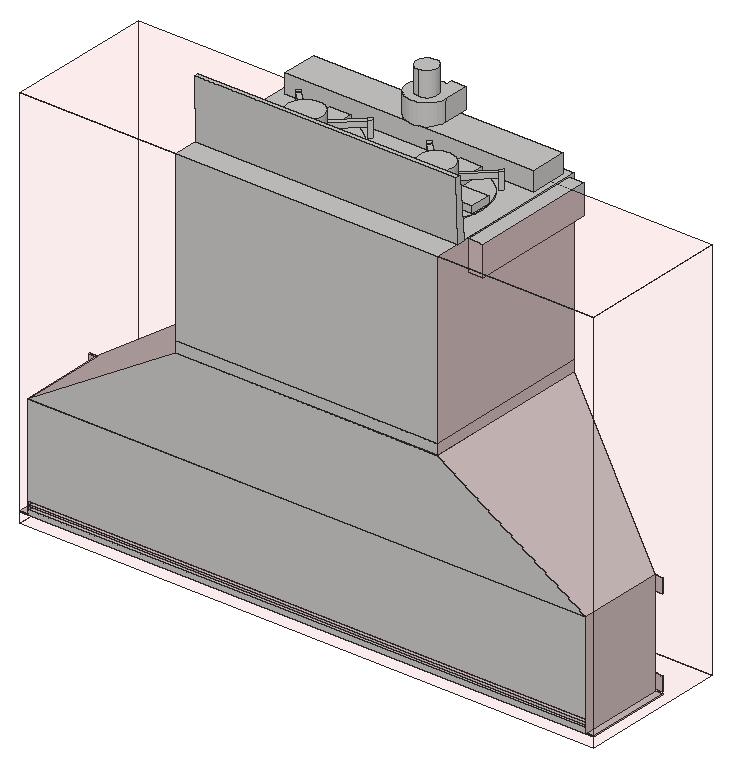
Revit family "Air-Curtain_Climate-Control_PoweredAire_TIG-1Heater", category Mechanical Equipment, host Face, Revit 2019
Family settings
  Host = Face
  Round Connector Dimension = Use Diameter
  Part Type = Normal
  OmniClass Number = 23.75.35.17.21
  OmniClass Title = Air Curtains
  Cut with Voids When Loaded = No
  Shared = No
  Room Calculation Point = No
Parameters (values of type "108'' Nozzle")
  upperrotation [instance] = 0.00°
  lowerrotation [instance] = 0.00°
  locateupperpipe [instance] = 0' - 0"
  locatelowerpipe [instance] = 0' - 0"
  Warranty Duration (Years) = 0
  Unit Width Notes = "Other Widths available."  # constant formula
  Unit Width = 9' - 3 5/32"
  Unit Weight = 640
  Unit Height = 1' - 4 3/4"
  Unit Depth = 1' - 8 1/4"
  URL = "http://www.poweredaire.com/"
  Test Data = ""
  Standards Conformance = "ETL  ;  Made in USA"
  Specification = "http://www.arcat.com/sdspecs/htm04/23_34_33pai.htm"
  SpecWizard = ""
  Sound Pressure = ">63 dBA"
  Sales Information = "http://www.poweredaire.com/contact_us"
  Revision = "R1_2016-08"
  Projection from Host [instance] = 0' - 2"
  Product Properties = ""
  Product Data = "http://www.arcat.com/arcatcos/cos47/arc47623.html"
  Power Rating = 0 W
  Piping_Water Flow [instance] = 0 GPM
  Piping_Operating Pressure [instance] = 0.00 psi
  Piping_Exit Temperature [instance] = 0 °F
  Piping_Entry Temperature [instance] = 0 °F
  Pipe OD [instance] = 5/8"
  Overall Depth = 6' - 0 3/4"
  Nozzle Width = if(1 = 1, Unit Width - 0' 3", 0' 0")  # 9' - 0 5/32"
  Mounting Width = if(1 = 1, Unit Width - 0' 1 1/2", 0' 0")  # 9' - 1 21/32"
  Mounting Height [instance] = 3' - 6"
  Motor RPM = 1630
  Motor HP = 0.75
  Motor Count = 3
  Model = "TIG-3-108"
  Max Height = 12' - 0"
  Manufacturer Website = "http://www.poweredaire.com/"
  Manufacturer Phone - Toll Free = "888-321-2473"
  Manufacturer Phone = "724-588-3305"
  Manufacturer Fax = "724-588-3371"
  Manufacturer Address = "109 Mortensen Rd.  Greenville, PA 16125"
  Manufacturer = "Powered Aire, Inc"
  Maintenance Schedule (Months) = 0
  Keynote = "23 34 33"
  Installation-Fabrication = ""
  Installation Phase = ""
  Include Clearance [instance] = yes
  Heating Element Load = 0 W
  Heater Weight = 0
  Heater Hanging Width = 4' - 0 5/8"
  Heater Finish [instance] = Metal - Steel - PoweredAire - Stainless 304
  HVAC_Temperature Rise = 34 °F
  HVAC_Primary CFM = 0 CFM
  HVAC_Outlet Volume = 7600 CFM
  HVAC_Outlet Velocity Uniformity = 0.92
  HVAC_Outlet Velocity = 3700 FPM
  HVAC_Exit Temperature [instance] = 0 °F
  HVAC_BTU Output = 280000.0 Btu/h
  HVAC_BTU Input = 105000.0 Btu/h
  Green Building-LEED = "http://www.arcat.com/green/clients/leed_data_47623.html"
  Gas Connection Diameter [instance] = 0"
  Frame Finish [instance] = Metal - Steel - PoweredAire - Stainless 304
  Expected Lifespan (Years) = 0
  Exhaust Connection Diameter = 0' - 6"
  Electrical_Wattage [instance] = Power Rating + Heating Element Load  # 0 W
  Electrical_Voltage [instance] = 0 V
  Electrical_Phase [instance] = 1
  Electrical_Frequency [instance] = 0 Hz
  Electrical_Amperage [instance] = 0 A
  Drawn By = "Sumex Design, Inc. / Robert S. Weygant, CSI, CDT, SCIP"
  Description = "Powered Aire Indirect Gas Heated Climate Control Air Curtain - TIG-3-108 as Specified"
  Default Elevation = 0' - 0"  # constant formula
  Copyright = "©Arcat Inc."
  Construction Details = "http://www.arcat.com/details/powair/prod3336.html"
  Clearance_Top [instance] = 1' - 0"
  Clearance_Side B [instance] = 0' - 0"
  Clearance_Side A [instance] = 0' - 0"
  Clearance_Intake [instance] = 0' - 0"
  Clearance_Bottom [instance] = 0' - 0"
  Clearance Material [instance] = ARCAT Clearance
  Building Codes = ""
  Available Options [instance] = "as Specified"
  Assembly Code = "D3090400"
Types (7): name | Unit Width | Unit Weight | Sound Pressure | Nozzle Width | Mounting Width | Motor Count | Model | Heater Hanging Width | HVAC_Temperature Rise | HVAC_Outlet Volume | HVAC_Outlet Velocity Uniformity | HVAC_Outlet Velocity | HVAC_BTU Output | HVAC_BTU Input | Exhaust Connection Diameter | Description
  108'' Nozzle | 9' - 3 5/32" | 640 | ">63 dBA" | 9' - 0 5/32" | 9' - 1 21/32" | 3 | "TIG-3-108" | 4' - 0 5/8" | 34 °F | 7600 CFM | 0.92 | 3700 FPM | 280000.0 Btu/h | 105000.0 Btu/h | 0' - 6" | "Powered Aire Indirect Gas Heated Climate Control Air Curtain - TIG-3-108 as Specified"
  96'' Nozzle | 8' - 3 1/16" | 570 | ">63 dBA" | 8' - 0 1/16" | 8' - 1 9/16" | 2 | "TIG-2-96" | 2' - 6 5/8" | 36 °F | 5100 CFM | 0.92 | 2800 FPM | 200000.0 Btu/h | 50000.0 Btu/h | 0' - 5" | "Powered Aire Indirect Gas Heated Climate Control Air Curtain - TIG-2-96 as Specified"
  84'' Nozzle | 7' - 3 1/16" | 530 | ">63 dBA" | 7' - 0 1/16" | 7' - 1 9/16" | 2 | "TIG-2-84" | 2' - 6 5/8" | 37 °F | 5100 CFM | 0.93 | 3200 FPM | 200000.0 Btu/h | 50000.0 Btu/h | 0' - 5" | "Powered Aire Indirect Gas Heated Climate Control Air Curtain - TIG-2-84 as Specified"
  72'' Nozzle | 6' - 3 1/16" | 500 | ">63 dBA" | 6' - 0 1/16" | 6' - 1 9/16" | 2 | "TIG-2-72" | 2' - 6 5/8" | 36 °F | 5100 CFM | 0.95 | 3700 FPM | 200000.0 Btu/h | 50000.0 Btu/h | 0' - 5" | "Powered Aire Indirect Gas Heated Climate Control Air Curtain - TIG-2-72 as Specified"
  60'' Nozzle | 5' - 3" | 340 | "63 dBA" | 5' - 0" | 5' - 1 1/2" | 1 | "TIG-1-60" | 1' - 6 5/8" | 44 °F | 2500 CFM | 0.91 | 2200 FPM | 120000.0 Btu/h | 150000.0 Btu/h | 0' - 5" | "Powered Aire Indirect Gas Heated Climate Control Air Curtain - TIG-1-60 as Specified"
  48'' Nozzle | 4' - 3" | 280 | "63 dBA" | 4' - 0" | 4' - 1 1/2" | 1 | "TIG-1-48" | 1' - 6 5/8" | 43 °F | 2600 CFM | 0.92 | 2800 FPM | 120000.0 Btu/h | 150000.0 Btu/h | 0' - 5" | "Powered Aire Indirect Gas Heated Climate Control Air Curtain - TIG-1-48 as Specified"
  36'' Nozzle | 3' - 3" | 250 | "63 dBA" | 3' - 0" | 3' - 1 1/2" | 1 | "TIG-1-36" | 1' - 6 5/8" | 44 °F | 2500 CFM | 0.95 | 3700 FPM | 120000.0 Btu/h | 150000.0 Btu/h | 0' - 5" | "Powered Aire Indirect Gas Heated Climate Control Air Curtain - TIG-1-36 as Specified"
Reference planes (in)
  plane 1 "Center (Elevation)": y = 0.13818
  plane 2: z = 0
  plane 3 "Center (Left/Right)": x = 0
  plane 4 "Top": y = 8.51318
  plane 5: y = -8.23682
  plane 6: x = -55.57812
  plane 7: x = 55.57813
  plane 8 "Front": z = 22.25
  plane 9 "FF": y = -41.86182
  plane 10: z = 2
  plane 11: x = 54.07813
  plane 12: x = -54.07812
  plane 13: y = 20.51318
  plane 14: y = -8.23682
  plane 15: x = -55.57812
  plane 16: x = 55.57813
  plane 17: z = 74.75
  plane 18: x = 54.01563
  plane 19: x = -54.01562
  plane 20: x = 54.07813
  plane 21: x = 54.07813
  plane 22: y = 6.01318
  plane 23: y = -5.73682
  plane 24: x = -24.3125
  plane 25: x = 24.3125
  plane 26: x = -25.375
  plane 27: x = 25.375
  plane 28: z = 74.75
  plane 29: z = 42.25
  plane 30: z = 40.25
Forms (in)
  Extrusion 1, solid, material "Metal - Steel - PoweredAire - Stainless 304" <- "Frame Finish"
    sketch origin (0, 0, 0) x (0, 1, 0) y (0, 0, 1)
      loop
        line (-8.23682, 2) -> (8.51318, 2) -> (8.51318, 22.25) -> (-8.23682, 22.25) -> (-8.23682, 2)
    from -54.07812 to 54.07812
  Extrusion 2, solid, material "ARCAT Clearance" <- "Clearance Material", visible <- "Include Clearance"
    sketch origin (0, 0, 0) x (0, 1, 0) y (0, 0, 1)
      loop
        line (-8.23682, 74.75) -> (-8.23682, 0) -> (20.51318, 0) -> (20.51318, 74.75) -> (-8.23682, 74.75)
    from -55.57812 to 55.57812
  Extrusion 3, solid, material "Metal - Steel - PoweredAire - Stainless 304" <- "Frame Finish"
    sketch origin (-15.17702, -180, 2) x (-1, 0, 0) y (0, -1, 0)
      loop
        line (-69.25515, -188.51318) -> (-69.25515, -171.76318) -> (-70.75515, -171.76318) -> (-70.75515, -188.51318) -> (-69.25515, -188.51318)
      loop
        line (38.9011, -188.51318) -> (40.4011, -188.51318) -> (40.4011, -171.76318) -> (38.9011, -171.76318) -> (38.9011, -188.51318)
    from 0 to 0.125
  Extrusion 4, solid, material "Metal - Steel - PoweredAire - Stainless 304" <- "Frame Finish"
    sketch origin (-11.83813, 8.51318, 48) x (-1, 0, 0) y (0, 0, 1)
      loop
        line (-65.91625, -45.5) -> (-65.91625, -42.75) -> (-67.41625, -42.75) -> (-67.41625, -45.5) -> (-65.91625, -45.5)
      loop
        line (-65.91625, -28.5) -> (-65.91625, -25.75) -> (-67.41625, -25.75) -> (-67.41625, -28.5) -> (-65.91625, -28.5)
      loop
        line (42.24, -45.5) -> (43.74, -45.5) -> (43.74, -42.75) -> (42.24, -42.75) -> (42.24, -45.5)
      loop
        line (42.24, -28.5) -> (43.74, -28.5) -> (43.74, -25.75) -> (42.24, -25.75) -> (42.24, -28.5)
    from 0 to -0.125
  Extrusion 5, void
    sketch origin (0, 0, 0) x (0, 1, 0) y (0, 0, 1)
      loop
        line (-8.23682, 3) -> (-7.23682, 3) -> (-7.23682, 4.5) -> (-8.23682, 4.5) -> (-8.23682, 3.82425) -> (-7.38364, 3.82425) -> (-7.38364, 3.57425) -> (-8.23682, 3.57425) -> (-8.23682, 3)
    from -54.01562 to 54.01562
  Blend 6, solid, material "Metal - Steel - PoweredAire - Stainless 304" <- "Frame Finish"
    base sketch origin (-15.17702, -180, 22.25) x (-1, 0, 0) y (0, -1, 0)
      loop
        line (38.9011, -188.51318) -> (38.9011, -171.76318) -> (-69.25515, -171.76318) -> (-69.25515, -188.51318) -> (38.9011, -188.51318)
    top sketch origin (-15.17702, -180, 22.25) x (-1, 0, 0) y (0, -1, 0)
      loop
        line (10.19798, -171.76318) -> (-40.55202, -171.76318) -> (-40.55202, -204.76318) -> (10.19798, -204.76318) -> (10.19798, -171.76318)
    from 0 to 18
Cuts and joins
  Extrusion 5 cuts Extrusion 1
Dimensions and locks (in)
  equal spacing: plane 4 "Top", plane 1 "Center (Elevation)", plane 5
  "Unit Height": plane 4 "Top" to plane 5
  equal spacing: plane 6, plane 3 "Center (Left/Right)", plane 7
  "Unit Width": plane 6 to plane 7
  "Mounting Height": plane 1 "Center (Elevation)" to plane 9 "FF"
  "Projection from Host": plane 10 to level
  "Unit Depth": plane 8 "Front" to plane 10
  locked: plane 6 to plane 12 at 1.5
  locked: plane 11 to plane 7 at 1.5
  "Clearance_Side A": plane 7 to plane 16
  "Clearance_Side B": plane 15 to plane 6
  "Clearance_Top": plane 13 to plane 4 "Top"
  "Clearance_Bottom": plane 5 to plane 14
  "Clearance_Intake": plane 17 to plane 28
  Extrusion 5 sketch curve to Extrusion 5 sketch curve to Extrusion 5 sketch curve to Extrusion 5 sketch curve to plane 10 = 0' - 0.67575" locked, 0' - 0 1/4" locked, 0' - 0.57425" locked, 0' - 1" locked
  plane 5 to Extrusion 5 sketch curve to Extrusion 5 sketch curve = 0' - 0.85319" locked, 0' - 0.14681" locked
  locked: plane 19 to plane 12 at 0.0625
  locked: plane 11 to plane 18 at 0.0625
  "locateupperpipe": plane 20 to plane 11
  "locatelowerpipe": plane 21 to plane 11
  locked: plane 4 "Top" to plane 22 at 2.5
  locked: plane 23 to plane 5 at 2.5
  equal spacing: plane 24, plane 3 "Center (Left/Right)", plane 25
  "Heater Hanging Width": plane 24 to plane 25
  locked: plane 25 to plane 27 at 1.0625
  locked: plane 26 to plane 24 at 1.0625
  "Overall Depth": plane 28 to plane 10
  locked: plane 29 to plane 30 at 2
  locked: plane 28 to plane 29 at 32.5
  locked: Blend 6 sketch curve to plane 5 at 33
  Extrusion 4 sketch curve to Extrusion 4 sketch curve to plane 10 = 0' - 2 3/4" locked, 0' - 0 1/2" locked  (x2)
  plane 8 "Front" to Extrusion 4 sketch curve to Extrusion 4 sketch curve = 0' - 0" locked, 0' - 2 3/4" locked  (x2)
  aligned and locked: plane 2 to host face
  aligned and locked: level to host face
  aligned and locked: Extrusion 2 sketch curve to plane 17
  aligned and locked: plane 14 to Extrusion 2 sketch curve
  aligned and locked: level to Extrusion 2 sketch curve
  aligned and locked: Extrusion 2 sketch curve to plane 13
  aligned and locked: plane 16 to Extrusion 2
  aligned and locked: Extrusion 2 to plane 15
  aligned and locked: plane 11 to Extrusion 1
  aligned and locked: Extrusion 1 to plane 12
  aligned and locked: Extrusion 1 sketch curve to plane 8 "Front"
  aligned and locked: plane 28 to nested 1
  aligned and locked: Blend 6 sketch curve to plane 5  (x2)
  aligned and locked: plane 12 to Blend 6 sketch curve
  aligned and locked: Blend 6 sketch curve to plane 11
  aligned and locked: Blend 6 sketch curve to plane 4 "Top"
  aligned and locked: Blend 6 sketch curve to plane 26
  aligned and locked: plane 27 to Blend 6 sketch curve
  aligned and locked: plane 30 to Blend 6
  aligned and locked: plane 3 "Center (Left/Right)" to nested 1
  aligned and locked: plane 18 to cut or joined group of Extrusion 1, Extrusion 5
  aligned and locked: cut or joined group of Extrusion 1, Extrusion 5 to plane 19
Automatic sketch dimensions
  host sketch curve to host sketch curve = 8' - 0"  (x2)
  plane 4 "Top" to Extrusion 3 sketch curve = 0' - 0"
  Extrusion 3 sketch curve to plane 7 = 0' - 0"
  plane 5 to Extrusion 3 sketch curve = 0' - 0"
  Extrusion 3 sketch curve to plane 11 = 0' - 0"
  Extrusion 3 sketch curve to plane 4 "Top" = 0' - 0"
  Extrusion 3 sketch curve to plane 12 = 0' - 0"
  Extrusion 3 sketch curve to plane 6 = 0' - 0"
  Extrusion 3 sketch curve to plane 5 = 0' - 0"
  Extrusion 4 sketch curve to plane 7 = 0' - 0"  (x2)
  Extrusion 4 sketch curve to plane 11 = 0' - 0"  (x2)
  Extrusion 4 sketch curve to plane 12 = 0' - 0"  (x2)
  Extrusion 4 sketch curve to plane 6 = 0' - 0"  (x2)
  Extrusion 5 sketch curve to plane 5 = 0' - 0"  (x2)
  Extrusion 1 sketch curve to plane 5 = 0' - 0"
  Extrusion 1 sketch curve to plane 4 "Top" = 0' - 0"
  Extrusion 1 sketch curve to plane 10 = 0' - 0"
Nested families (in)
  nested 1: "Heater" at (0, -8.23682, 42.2987) x (1, 0, 0) z (0, 1, 0), finish <- "Heater Finish", burner width <- "Heater Hanging Width", type "Heater"
    with finish Metal - Steel - PoweredAire - Stainless 304, burner width 4' - 0 5/8", Two Fan yes, One Fan no
Connectors (in)
  electrical at (-54.07812, 0.13818, 12.125), driven by "Electrical_Voltage", driven by "Electrical_Phase"
    settings: on cut or joined group of Extrusion 1, Extrusion 5, index 3, voltage 0 V, apparent load 0 VA, apparent load phase1 0 VA, apparent load phase2 0 VA, apparent load phase3 0 VA, power factor 1, load classification "Motor", number of poles 1, system type 31, power factor state 1, is connector primary yes, connector utility no, sub classification motor no, connector description ""
  hvac at (3, 24.76318, 80.40625), driven by "Exhaust Connection Diameter", driven by "HVAC_Primary CFM"
    settings: on nested 1, index 4, duct flow 0 CFM, flow factor 0, pres drop 0.00 in-wg, loss coef 0, conn angle 0.00°, conn width 12", conn height 12", conn diameter 6", duct sys type 3, conn prof type 0, flow config 0, flow direction 2, loss method 0, conn ref index -1, conn util no, is conn primary yes, conn desc ""
Definition of nested family "Heater"
  Parameters
    finish [instance] = none
    burner width [instance] = 4' - 0 5/8"
    burner depth = 3' - 8 3/4"
    Two Fan [instance] = burner width > 4' 0"  # yes
    One Fan [instance] = burner width < 4' 0"  # no
    Default Elevation = 0' - 0"  # constant formula
  Reference planes (in)
    plane 1 "Center (Front/Back)": y = 0
    plane 2: z = 0
    plane 3 "Center (Left/Right)": x = 0
    plane 4: x = -25.375
    plane 5: x = 25.375
    plane 6: z = 33
    plane 7: y = -44.75
    plane 8: x = 3
    plane 9: x = 4.375
    plane 10: x = -12.6875
    plane 11: x = 12.6875
    plane 12: z = 15.5
    plane 13: x = -24.3125
    plane 14: x = 24.3125
  Forms (in)
    Extrusion 1, solid, material <- "finish"
      sketch origin (-74.94554, -3, 38.65968) x (0, 0, 1) y (1, 0, 0)
        loop
          line (-5.65968, 49.57054) -> (-5.65968, 100.32054) -> (-38.65968, 100.32054) -> (-38.65968, 49.57054) -> (-5.65968, 49.57054)
      from 3 to -29.4513
    Extrusion 2, solid, material <- "finish"
      sketch origin (0, 0, 0) x (0, 1, 0) y (0, 0, 1)
        loop
          line (2, 0) -> (2, 33) -> (0, 33) -> (0, 0) -> (2, 0)
      from -25.375 to 25.375
    Extrusion 3, solid, material <- "finish"
      sketch origin (-74.94554, -32.4513, 38.65968) x (0, 0, 1) y (1, 0, 0)
        loop
          line (-6.91591, 50.82971) -> (-6.91591, 99.10844) -> (-13.91591, 99.10844) -> (-13.91591, 50.82971) -> (-6.91591, 50.82971)
      from 0 to -3.625
    Extrusion 4, solid, material <- "finish"
      sketch origin (-74.94554, -36.0763, 38.65968) x (0, 0, 1) y (1, 0, 0)
        loop
          arc (-10.4052, 79.32054) -> (-12.67312, 72.60509) -> (-6.79809, 76.57054) r 3.74068
          line (-6.79809, 76.57054) -> (-5.65968, 76.57054) -> (-5.65968, 79.32054) -> (-10.4052, 79.32054)
      from 0 to -4.0625
    Extrusion 5, solid, material <- "finish"
      sketch origin (-73.58006, -40.1388, 35.52564) x (0, 0, -1) y (1, 0, 0)
        loop
          circle (7.27116, 74.21438) r 2
      from 4.6112 to 0
    Extrusion 6, solid, material <- "finish"
      sketch origin (0, 0, 0) x (1, 0, 0) y (0, 1, 0)
        loop
          line (28.3125, -32.4513) -> (28.3125, -26.7013) -> (25.3125, -26.7013) -> (25.3125, -32.4513) -> (28.3125, -32.4513)
      from 7.25 to 31.75
    Extrusion 7, solid, material <- "finish", visible <- "Two Fan"
      sketch origin (0, 0, 0) x (0, 1, 0) y (0, 0, 1)
        loop
          line (-32.4513, 6.22268) -> (-44.15658, 5.1986) -> (-44.15658, 4.4486) -> (-32.4513, 4.85736) -> (-32.4513, 6.22268)
      from -25.375 to 25.375
  Dimensions and locks (in)
    locked: Extrusion 4 sketch curve to Extrusion 4 sketch curve at 2.75
    "burner width": plane 13 to plane 14
    locked: plane 6 to level at 33
    "burner depth": plane 7 to plane 1 "Center (Front/Back)"
    locked: plane 8 to plane 9 at 1.375
    Extrusion 4 sketch curve to Extrusion 4 sketch curve to plane 8 = 0' - 0.99068" locked, 0' - 1 3/8" locked
    locked: Extrusion 5 sketch curve to plane 8 at 2.36568
    locked: plane 8 to plane 3 "Center (Left/Right)" at 3
    Extrusion 6 sketch curve to plane 5 to Extrusion 6 sketch curve = 0' - 0 1/16" locked, 0' - 2 15/16" locked
    equal spacing: plane 5, plane 11, plane 3 "Center (Left/Right)", plane 10, plane 4
    locked: plane 4 to plane 13 at 1.0625
    locked: plane 14 to plane 5 at 1.0625
    aligned and locked: plane 2 to level
    aligned: Extrusion 4 to Extrusion 5
    aligned: Extrusion 3 to Extrusion 2  (x2)
    aligned and locked: plane 7 to Extrusion 5
    aligned and locked: plane 4 to Extrusion 1 sketch curve
    aligned and locked: Extrusion 1 sketch curve to plane 5
    aligned and locked: Extrusion 7 to plane 4
    aligned and locked: plane 5 to Extrusion 7
    aligned and locked: plane 12 to nested 1
    aligned and locked: plane 3 "Center (Left/Right)" to nested 1
    aligned and locked: plane 12 to nested 3
    aligned and locked: plane 11 to nested 3
    aligned and locked: plane 10 to nested 2
    aligned and locked: plane 12 to nested 2
    aligned and locked: plane 5 to Extrusion 2
    aligned and locked: Extrusion 2 to plane 4
  Automatic sketch dimensions
    Extrusion 1 to Extrusion 3 sketch curve = 0' - 1.25917"
    Extrusion 1 to Extrusion 3 sketch curve = 0' - 8.25624"
    Extrusion 1 to Extrusion 3 sketch curve = 0' - 1.2121"
    Extrusion 1 to Extrusion 3 sketch curve = 0' - 1.25624"
    Extrusion 4 sketch curve to Extrusion 3 = 0' - 0.11782"
    Extrusion 4 sketch curve to Extrusion 3 = 0' - 1.25624"
    Extrusion 5 sketch curve to Extrusion 4 = 0' - 4.74552"
    Extrusion 1 sketch curve to level = 0' - 0"
    Extrusion 1 sketch curve to plane 6 = 0' - 0"
    Extrusion 2 sketch curve to level = 0' - 0"
    Extrusion 2 sketch curve to plane 1 "Center (Front/Back)" = 0' - 0"
    Extrusion 2 sketch curve to plane 6 = 0' - 0"
    Extrusion 2 sketch curve to Extrusion 2 sketch curve = 0' - 2"
    Extrusion 6 sketch curve to plane 7 = 1' - 0.2987"
    Extrusion 6 sketch curve to Extrusion 6 sketch curve = 0' - 5 3/4"
    Extrusion 7 sketch curve to plane 7 = 0' - 0.59342"
    level to Extrusion 7 sketch curve = 0' - 4.4486"
    Extrusion 7 sketch curve to Extrusion 7 sketch curve = 0' - 0 3/4"
    level to Extrusion 7 sketch curve = 0' - 4.85736"
    Extrusion 7 sketch curve to Extrusion 7 sketch curve = 0' - 11.70529"
    Extrusion 7 sketch curve to Extrusion 7 sketch curve = 0' - 1.36532"
    radius of Extrusion 5 sketch curve = 0' - 2"
  Nested families (in)
    nested 1: "FanControls" at (0, -32.4513, 15.5) x (1, 0, 0) z (0, -1, 0), finish <- "finish", visible <- "One Fan", type "FanControls"
      with finish none
    nested 2: "FanControls" at (-12.6875, -32.4513, 15.5) x (1, 0, 0) z (0, -1, 0), finish <- "finish", visible <- "Two Fan", type "FanControls"
      with finish none
    nested 3: "FanControls" at (12.6875, -32.4513, 15.5) x (1, 0, 0) z (0, -1, 0), finish <- "finish", visible <- "Two Fan", type "FanControls"
      with finish none
  Definition of nested family "FanControls"
    Parameters
      finish [instance] = none
      Default Elevation = 4' - 0"
    Reference planes (in)
      plane 1 "Center (Front/Back)": y = 0
      plane 2: z = 0
      plane 3 "Center (Left/Right)": x = 0
    Forms (in)
      Extrusion 1, solid, material <- "finish"
        sketch origin (-75.00804, 32.07233, 0) x (1, 0, 0) y (0, -1, 0)
          loop
            circle (75.00804, 32.07233) r 3.25
        from -5.33075 to 0
      Extrusion 2, solid, material <- "finish"
        sketch origin (24.44581, -78.06044, 0) x (1, 0, 0) y (0, -1, 0)
          loop
            line (-22.50831, -86.58776) -> (-22.50831, -81.58776) -> (-26.50831, -81.58776) -> (-26.50831, -86.58776) -> (-22.50831, -86.58776)
          loop
            line (-22.50831, -69.53312) -> (-26.50831, -69.53312) -> (-26.50831, -74.53312) -> (-22.50831, -74.53312) -> (-22.50831, -69.53312)
          loop
            line (-15.98099, -76.06044) -> (-20.98099, -76.06044) -> (-20.98099, -80.06044) -> (-15.98099, -80.06044) -> (-15.98099, -76.06044)
          loop
            line (-33.03563, -76.06044) -> (-33.03563, -80.06044) -> (-28.03563, -80.06044) -> (-28.03563, -76.06044) -> (-33.03563, -76.06044)
        from 0 to -1.37288
      Extrusion 3, solid, material <- "finish"
        sketch origin (-75.00804, 21.40968, 0) x (1, 0, 0) y (0, -1, 0)
          loop
            line (68.02536, 14.95733) -> (68.55569, 14.427) -> (75.00804, 20.87935) -> (81.46039, 14.427) -> (81.99072, 14.95733) -> (75.53837, 21.40968) -> (81.99072, 27.86203) -> (81.46039, 28.39236) -> (75.00804, 21.94001) -> (68.55569, 28.39236) -> (68.02536, 27.86203) -> (74.47771, 21.40968) -> (68.02536, 14.95733)
        from -3.1123 to -2
      Extrusion 4, solid, material <- "finish"
        sketch origin (-75.00804, 21.40968, 0) x (1, 0, 0) y (0, -1, 0)
          loop
            line (68.02536, 13.89667) -> (68.55569, 14.427) -> (68.02536, 14.95733) -> (67.49503, 14.427) -> (68.02536, 13.89667)
          loop
            line (82.52105, 14.427) -> (81.99072, 14.95733) -> (81.46039, 14.427) -> (81.99072, 13.89667) -> (82.52105, 14.427)
          loop
            line (81.99072, 28.92269) -> (81.46039, 28.39236) -> (81.99072, 27.86203) -> (82.52105, 28.39236) -> (81.99072, 28.92269)
          loop
            line (67.49503, 28.39236) -> (68.02536, 27.86203) -> (68.55569, 28.39236) -> (68.02536, 28.92269) -> (67.49503, 28.39236)
        from 0 to -3.1123
      Extrusion 5, solid, material <- "finish"
        sketch origin (0, 0, 0) x (1, 0, 0) y (0, 1, 0)
          loop
            circle (0, 0) r 9
        from 0 to 0.14961
    Dimensions and locks (in)
      Extrusion 4 sketch curve to Extrusion 4 sketch curve to Extrusion 4 sketch curve to Extrusion 4 sketch curve = 0' - 0.53033" locked, 0' - 0" locked, 0' - 0.53033" locked  (x4)
      Extrusion 3 sketch curve to Extrusion 3 sketch curve to Extrusion 3 sketch curve to Extrusion 3 sketch curve to Extrusion 3 sketch curve = 0' - 5.92202" locked, 0' - 0" locked, 0' - 0.53033" locked, 0' - 0" locked
      Extrusion 3 sketch curve to Extrusion 3 sketch curve to Extrusion 3 sketch curve to Extrusion 3 sketch curve to Extrusion 3 sketch curve = 0' - 0" locked, 0' - 0.53033" locked, 0' - 0" locked, 0' - 5.92202" locked
      locked: Extrusion 2 sketch curve to Extrusion 2 sketch curve at 5  (x2)
      aligned and locked: plane 2 to level
